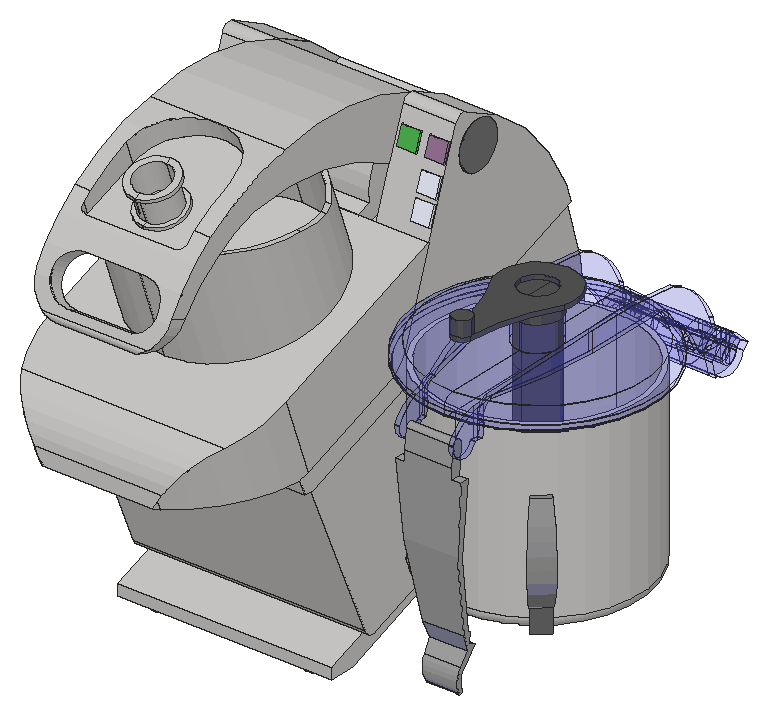
Revit family "QF_ELECTROLUXPROFESSIONAL_600485_TRK55Y", category Specialty Equipment, Revit 2018
Family settings
  Round Connector Dimension = Use Diameter
  Part Type = Normal
  Work Plane-Based = No
  Always vertical = Yes
  Cut with Voids When Loaded = No
  Shared = No
  Room Calculation Point = No
Parameters (values of type "QF_ELECTROLUX_600485_TRK55Y")
  Weight = 27.40 kg
  Watts = 0 W
  Volts = 200 V
  URL Manufacturer = "http://professional.electrolux.com"
  URL = "http://professional.electrolux.com"
  Steam Supply Size = 0 mm
  Steam Supply Minimum Pressure = 0.0 Pa
  Steam Supply Maximum Pressure = 0.0 Pa
  Steam Pounds per Hour = 0
  Refrigeration Suction Line Size = 0 mm
  Refrigeration Liquid Line Size = 0 mm
  Refrigerant Compressor Remote = yes
  Manufacturer = "Electrolux"
  Phase = 1
  Model = "TRK55Y"
  Length Actual = 252 mm  # constant formula
  Item Number = "600485"
  Hot Water Size = 0 mm
  Height Actual = 505 mm  # constant formula
  HP = "1.7 HP"
  Gas Size = 0 mm
  Gas KW = 0
  Gas Input Pressure = 0 W
  Direct Waste Size = 0 mm
  Description = "CUTTER/SLICER 5.5L VARIAB.SPEED-1300W-200-240/1/50-60"
  Depth Actual = 485 mm  # constant formula
  Cycle = 60 Hz
  Condensate Return Size = 0 mm
  Compressed Air Volume = 0.0 L/s
  Compressed Air Size = 0 mm
  Compressed Air Pressure = 0.0 Pa
  Cold Water Size = 0 mm
  Accessory = yes
Reference planes
  plane 1 "Center (Front/Back)": y = 0
  plane 2: z = 0
  plane 3 "Center (Left/Right)": x = 0
  plane 4 "BASE": through (-1506.947, -1354.442, -482.669) normal (0, -0.342, 0.9397)
  plane 5 "TOP": z = 725
  plane 6 "FRONT": y = -250
  plane 7 "BACK": y = 250
  plane 8 "LEFT": x = -126
  plane 9 "RIGHT": x = 126
  plane 10 "BaseSup": through (4267.2, -355.454, 143.983) normal (0, -0.342, 0.9397)
  plane 11 "TopCylinder": z = 505
  plane 12 "panel": through (4267.2, 37.396, 376.789) normal (0, -0.9397, 0.342)
  plane 13 "TAN1": through (4267.2, -242.8, 386.84) normal (0, -0.868, 0.4965)
  plane 14 "cx": x = -4.392
  plane 15: z = 490
  plane 16: z = 685
  plane 17 "EI_1": z = 320
  plane 18: z = 224
  plane 19 "SupportOblique": through (4267.2, 163.975, 96.815) normal (0, 0.809, 0.5878)
  plane 20 "CX2": x = 350
Forms (mm)
  Extrusion 1, solid, material "QF_Finishes_Stainless Steel"
    sketch origin (0, 71.755, 29.173) x (0, 0.939693, 0.34202) y (0, -0.34202, 0.939693)
      loop
        line (196.964, 40) -> (-146.726, 40) -> (-150.519, 29.578) -> (-124.204, 20) -> (196.964, 20) -> (196.964, 40)
    from -114.1 to 114.1
  Extrusion 2, solid, material "QF_Finishes_Stainless Steel"
    sketch origin (0, 71.755, 29.173) x (0, 0.939693, 0.34202) y (0, -0.34202, 0.939693)
      loop
        arc (-117.754, 231.836) -> (-115.679, 141.222) -> (-107.501, 50.953) r 1344.145
        arc (-107.501, 50.953) -> (-103.371, 43.13) -> (-95.098, 40) r 12.5
        line (-95.098, 40) -> (191.415, 40)
        arc (191.415, 40) -> (200.799, 44.052) -> (207.001, 52.177) r 20.212
        arc (207.001, 52.177) -> (236.663, 139.796) -> (245.906, 231.836) r 409.593
        line (245.906, 231.836) -> (-117.754, 231.836)
    from -123.6 to 123.2
  Extrusion 3, solid, material "QF_Finishes_Stainless Steel"
    sketch origin (0, 71.755, 29.173) x (0, 0.939693, 0.34202) y (0, -0.34202, 0.939693)
      loop
        line (-117.754, 231.836) -> (250, 231.836) -> (250, 254)
        arc (250, 254) -> (225.127, 344.7) -> (167.861, 419.303) r 244.524
        arc (167.861, 419.303) -> (160.498, 421.774) -> (153.587, 418.23) r 10
        line (153.587, 418.23) -> (25.432, 265.5)
        arc (25.432, 265.5) -> (14.376, 257.016) -> (0.77, 254) r 32.194
        line (0.77, 254) -> (-128.224, 254) -> (-128.224, 236.946) -> (-117.754, 231.836)
    from -125 to 125
  Extrusion 4, void
    sketch origin (0, 71.755, 29.173) x (0, 0.939693, 0.34202) y (0, -0.34202, 0.939693)
      loop
        line (146.605, 338.403) -> (228.145, 338.403)
        arc (228.145, 338.403) -> (202.221, 381.996) -> (167.861, 419.303) r 244.524
        arc (167.861, 419.303) -> (160.498, 421.774) -> (153.587, 418.23) r 10
        line (153.587, 418.23) -> (72.34, 321.403) -> (146.605, 321.403) -> (146.605, 338.403)
    from -76.755 to 68.071
  Extrusion 5, solid, material "QF_Finishes_Stainless Steel"
    sketch origin (0, 71.755, 29.173) x (0, 0.939693, 0.34202) y (0, -0.34202, 0.939693)
      loop
        line (86.605, 338.403) -> (69.605, 321.403) -> (146.605, 321.403) -> (146.605, 338.403) -> (138.179, 338.403) -> (138.179, 369.367)
        arc (138.179, 369.367) -> (147.784, 373.474) -> (158.149, 372.174) r 19.987
        arc (158.149, 372.174) -> (156.791, 382.001) -> (162.888, 389.826) r 12.748
        arc (162.888, 389.826) -> (123.302, 374.774) -> (101.605, 338.403) r 64.447
        line (101.605, 338.403) -> (86.605, 338.403)
    from -65 to 50
  Extrusion 6, solid, material "QF_Finishes_Stainless Steel"
    sketch origin (539, 71.755, 29.173) x (0, -0.939693, -0.34202) y (0, -0.34202, 0.939693)
      loop
        circle (-169.102, 378.696) r 12.748
    from 489 to 604
  Extrusion 7, solid, material "QF_Finishes_Rubber Black"
    sketch origin (0, 71.755, 29.173) x (0, 0.939693, 0.34202) y (0, -0.34202, 0.939693)
      loop
        circle (169.102, 378.696) r 25
    from 125 to 126.6
  Extrusion 8, solid, material "QF_Finishes_Green"
    sketch origin (-10, -113.728, -38.42) x (0, -0.34202, -0.939693) y (1, 0, 0)
      loop
        line (-529.862, 82.865) -> (-509.862, 82.865) -> (-509.862, 102.865) -> (-529.862, 102.865) -> (-529.862, 82.865)
    from 0 to 1.6
  Extrusion 9, solid, material "QF_Finishes_Red"
    sketch origin (20, -113.728, -38.42) x (0, -0.34202, -0.939693) y (1, 0, 0)
      loop
        line (-529.862, 82.865) -> (-509.862, 82.865) -> (-509.862, 102.865) -> (-529.862, 102.865) -> (-529.862, 82.865)
    from 0 to 1.6
  Extrusion 10, solid, material "QF_Finishes_White"
    sketch origin (19.976, -149.421, -75.636) x (0, -0.34202, -0.939693) y (1, 0, 0)
      loop
        line (-521.192, 82.865) -> (-501.192, 82.865) -> (-501.192, 102.865) -> (-521.192, 102.865) -> (-521.192, 82.865)
    from 0 to 1.6
  Extrusion 11, solid, material "QF_Finishes_Rubber Black"
    sketch origin (-20, -293.925, 99.376) x (0, -1, 0) y (1, 0, 0)
      loop
        circle (-230.144, 103.748) r 10
      loop
        circle (-230.144, -61.252) r 10
    from 9.274 to 3.787
  Extrusion 12, void
    sketch origin (-20.94, 306.731, 139.428) x (-1, 0, 0) y (0, -0.34202, 0.939693)
      loop
        circle (-20.94, 196.093) r 10
    from -1.916 to -26.433
  Extrusion 13, solid, material "QF_Finishes_Stainless Steel"
    sketch origin (-20.94, 306.678, 139.573) x (-1, 0, 0) y (0, -0.34202, 0.939693)
      loop
        circle (-20.94, 195.939) r 9.999
    from -8.514 to -26.433
  Extrusion 14, solid, material "QF_Finishes_Stainless Steel"
    sketch origin (0, -15.119, 267.855) x (0, -0.939693, -0.34202) y (1, 0, 0)
      loop
        line (-86.605, -125) -> (117.754, -125)
        arc (117.754, -125) -> (182.577, -108.838) -> (232.224, -64.135) r 138.076
        arc (232.224, -64.135) -> (246.337, -33.516) -> (250, 0) r 104.824
        arc (250, 0) -> (246.337, 33.516) -> (232.224, 64.135) r 104.824
        arc (232.224, 64.135) -> (182.577, 108.838) -> (117.754, 125) r 138.076
        line (117.754, 125) -> (-86.605, 125) -> (-86.605, -125)
    from 0 to 84.403
  Extrusion 15, void
    sketch origin (0, 71.755, 29.173) x (0, 0.939693, 0.34202) y (0, -0.34202, 0.939693)
      loop
        line (-183.149, 338.403) -> (-263.395, 338.403) -> (-263.395, 254) -> (-128.224, 254) -> (-235.716, 293.124) -> (-229.509, 307.133)
        arc (-229.509, 307.133) -> (-211.109, 329.855) -> (-183.149, 338.403) r 50
      loop
        line (86.605, 338.403) -> (25.432, 265.5)
        arc (25.432, 265.5) -> (14.376, 257.016) -> (0.77, 254) r 32.194
        line (0.77, 254) -> (86.605, 254) -> (86.605, 338.403)
    from -156.555 to 144.79
  Extrusion 16, solid, material "QF_Finishes_Rubber Black"
    sketch origin (-20, -255.757, 37.007) x (0, -0.939693, -0.34202) y (1, 0, 0)
      loop
        circle (-230.144, 103.748) r 10
      loop
        circle (-230.144, -61.252) r 10
    from -1.968 to 3.787
  Extrusion 17, solid, material "QF_Finishes_Stainless Steel"
    sketch origin (0, 0, 0) x (0, 1, 0) y (0, 0, 1)
      loop
        arc (-237.987, 360.286) -> (-193.334, 422.101) -> (-125.907, 457.716) r 167.502
        arc (-125.907, 457.716) -> (-32.614, 457.202) -> (54.785, 424.565) r 266.494
        line (54.785, 424.565) -> (73.036, 474.711)
        arc (73.036, 474.711) -> (77.269, 479.853) -> (83.792, 481.198) r 10
        arc (83.792, 481.198) -> (1.801, 503.572) -> (-83.051, 498.734) r 263.981
        arc (-83.051, 498.734) -> (-135.605, 484.534) -> (-183.511, 458.675) r 236.13
        arc (-183.511, 458.675) -> (-222.818, 420.732) -> (-248.457, 372.49) r 174.407
        arc (-248.457, 372.49) -> (-249.83, 368.135) -> (-247.05, 364.513) r 4.945
        line (-247.05, 364.513) -> (-237.987, 360.286)
    from -76.755 to 68.071
  Extrusion 18, void
    sketch origin (0, -252.846, 369.279) x (0, -0.496521, -0.868025) y (1, 0, 0)
      loop
        line (-13.723, -36.755) -> (-13.723, 28.071)
        arc (-13.723, 28.071) -> (-38.723, 53.071) -> (-63.723, 28.071) r 25
        line (-63.723, 28.071) -> (-63.723, -36.755)
        arc (-63.723, -36.755) -> (-38.723, -61.755) -> (-13.723, -36.755) r 25
    from -148.493 to 7.125
  Extrusion 19, void
    sketch origin (0, -88.076, 32.057) x (0, -0.34202, -0.939693) y (1, 0, 0)
      loop
        line (-257.162, 68.071) -> (-297.162, 68.071)
        arc (-297.162, 68.071) -> (-268.878, 56.356) -> (-257.162, 28.071) r 40
        line (-257.162, 28.071) -> (-257.162, 68.071)
      loop
        line (-257.162, -76.755) -> (-257.162, -36.755)
        arc (-257.162, -36.755) -> (-268.878, -65.039) -> (-297.162, -76.755) r 40
        line (-297.162, -76.755) -> (-257.162, -76.755)
    from 233.374 to 280.473
  Extrusion 20, void
    sketch origin (0, -73.76, 246.511) x (0, -0.939693, -0.34202) y (1, 0, 0)
      loop
        spline (50.415, 43.499) -> (50.302, 44.538) -> (50.07, 45.551) -> (49.722, 46.523) -> (49.265, 47.436) -> (48.705, 48.278) -> (48.053, 49.034) -> (47.317, 49.692) -> (46.511, 50.241) -> (45.647, 50.674) -> (44.738, 50.981) -> (43.801, 51.16) -> (42.848, 51.221)
        line (42.848, 51.221) -> (-21.826, 51.221)
        arc (-21.826, 51.221) -> (-77.476, -4.429) -> (-21.826, -60.078) r 55.65
        line (-21.826, -60.078) -> (42.849, -60.064)
        spline (42.849, -60.064) -> (43.796, -60.017) -> (44.73, -59.836) -> (45.637, -59.525) -> (46.5, -59.088) -> (47.306, -58.532) -> (48.042, -57.867) -> (48.695, -57.103) -> (49.256, -56.253) -> (49.715, -55.331) -> (50.065, -54.351) -> (50.3, -53.329) -> (50.415, -52.283)
        line (50.415, -52.283) -> (50.415, 43.499)
    from 219.928 to 259.975
  Extrusion 21, void
    sketch origin (0, -87.856, 241.381) x (0, -0.939693, -0.34202) y (1, 0, 0)
      loop
        circle (-4.976, -4.429) r 22.5
    from 184.171 to 259.975
  Extrusion 22, solid, material "QF_Finishes_Stainless Steel"
    sketch origin (0, -57.13, 252.564) x (0, -0.939693, -0.34202) y (1, 0, 0)
      loop
        circle (-27.476, -4.429) r 100
      loop
        circle (-27.476, -4.429) r 95
    from 84.403 to 219.928
  Extrusion 23, void
    sketch origin (539, 0, 0) x (0, -1, 0) y (0, 0, 1)
      loop
        line (-7.229, 448.453) -> (38.883, 431.669) -> (53.883, 431.669) -> (97.232, 435.738) -> (172.232, 435.738) -> (200.5, 434.424) -> (12.562, 502.828) -> (-7.229, 448.453)
    from 424.9 to 664
  Revolve 24, solid, material "QF_Finishes_Stainless Steel"
    sketch origin (-4.392, 0, 0) x (0, 1, 0) y (0, 0, 1)
      loop
        line (-159.523, 452.833) -> (-177.266, 446.376) -> (-188.766, 477.973) -> (-195.199, 475.631) -> (-193.959, 472.225) -> (-189.261, 473.935) -> (-179, 445.744) -> (-183.698, 444.034) -> (-182.575, 440.948) -> (-179.543, 442.052) -> (-133.191, 314.7) -> (-112.048, 322.396) -> (-159.523, 452.833)
      axis (-112.048, 322.396) -> (-171.023, 484.431)
    angle from 0 to 360
  Extrusion 25, solid, material "QF_Door-Drawer Clearances", detail levels coarse
    sketch origin (0, -262.072, 735.095) x (0, -0.581279, -0.813704) y (0, 0.813704, -0.581279)
      loop
        arc (-237.987, 360.286) -> (-193.334, 422.101) -> (-125.907, 457.716) r 167.502
        arc (-125.907, 457.716) -> (-61.925, 460.915) -> (0.971, 448.753) r 266.494
        arc (0.971, 448.753) -> (-2.208, 475.472) -> (-2.432, 502.379) r 244.524
        arc (-2.432, 502.379) -> (-31.549, 503.211) -> (-60.594, 500.999) r 278.64
        arc (-60.594, 500.999) -> (-125.023, 488.463) -> (-183.511, 458.675) r 236.13
        arc (-183.511, 458.675) -> (-222.818, 420.732) -> (-248.457, 372.49) r 174.407
        arc (-248.457, 372.49) -> (-249.83, 368.135) -> (-247.05, 364.513) r 4.945
        line (-247.05, 364.513) -> (-237.987, 360.286)
    from -76.755 to 68.071
  Extrusion 26, solid, material "QF_Door-Drawer Clearances", detail levels coarse
    sketch origin (-4.392, 0, -55) x (0, 1, 0) y (0, 0, 1)
      loop
        arc (180.062, 780.324) -> (-149.234, 694.151) -> (-249.905, 368.994) r 350.321
        line (-249.905, 368.994) -> (-246.546, 377.767)
        arc (-246.546, 377.767) -> (-144.345, 691.9) -> (174.993, 776.44) r 345.321
        line (174.993, 776.44) -> (180.062, 780.324)
    from -60 to 60
  Extrusion 27, solid, material "QF_Finishes_Rubber Black"
    sketch origin (-20, -20.834, 122.512) x (0, -0.939693, -0.34202) y (1, 0, 0)
      loop
        circle (-230.144, 103.748) r 10
      loop
        circle (-230.144, -61.252) r 10
    from -1.968 to 3.787
  Extrusion 28, void
    sketch origin (-4.392, 0, 0) x (0, 1, 0) y (0, 0, 1)
      loop
        circle (163.975, 96.815) r 5.399
    from -121.608 to 130.392
  Sweep 29, solid, material "QF_Finishes_Stainless Steel"
    path origin (0, 153.361, 111.423) x (0, -0.587785, 0.809017) y (1, 0, 0)
      loop
        line (-133.401, 56) -> (-133.401, 112.5)
        arc (-133.401, 112.5) -> (-130.472, 119.571) -> (-123.401, 122.5) r 10
        line (-123.401, 122.5) -> (-28.058, 122.5)
        arc (-28.058, 122.5) -> (-20.987, 119.571) -> (-18.058, 112.5) r 10
        line (-18.058, 112.5) -> (-18.058, -112.5)
        arc (-18.058, -112.5) -> (-20.987, -119.571) -> (-28.058, -122.5) r 10
        line (-28.058, -122.5) -> (-123.401, -122.5)
        arc (-123.401, -122.5) -> (-130.472, -119.571) -> (-133.401, -112.5) r 10
        line (-133.401, -112.5) -> (-133.401, -56)
    profile origin (84.25, 231.772, 3.5) x (0, 0.587785, -0.809017) y (0, 0.809017, 0.587785)
      loop
        circle (0, 0) r 3.5
  Extrusion 30, void
    sketch origin (-4.392, 0, 0) x (0, 1, 0) y (0, 0, 1)
      loop
        line (50.281, 42.641) -> (71.708, 50.44) -> (64.376, 57.771) -> (50.281, 52.641) -> (50.281, 42.641)
    from -119.208 to -51.608
  Extrusion 31, void
    sketch origin (4.392, 0, 0) x (0, 1, 0) y (0, 0, -1)
      loop
        line (50.281, -42.641) -> (50.281, -52.641) -> (64.376, -57.771) -> (71.708, -50.44) -> (50.281, -42.641)
    from -119.208 to -51.608
  Extrusion 32, solid, material "QF_Door-Drawer Clearances", detail levels coarse
    sketch origin (350, -160.4, -17.118) x (0, -0.34202, -0.939693) y (0, -0.939693, 0.34202)
      loop
        line (-206.754, 118.191) -> (-331.133, -223.538)
        arc (-331.133, -223.538) -> (-241.482, -246.331) -> (-149.003, -248.426) r 409.593
        arc (-149.003, -248.426) -> (-139.246, -245.378) -> (-132.229, -237.945) r 20.212
        line (-132.229, -237.945) -> (-34.236, 31.289)
        arc (-34.236, 31.289) -> (-34.347, 40.134) -> (-40.286, 46.691) r 12.5
        arc (-40.286, 46.691) -> (-122.314, 85.249) -> (-206.754, 118.191) r 1344.145
    from -123.6 to 123.2
  Extrusion 33, solid, material "QF_Door-Drawer Clearances", detail levels coarse
    sketch origin (350, -160.4, -17.118) x (0, -0.34202, -0.939693) y (0, -0.939693, 0.34202)
      loop
        line (-134.127, -243.16) -> (-115.333, -250) -> (-5.487, 51.799) -> (-5.487, 79.803) -> (-16.578, 79.803) -> (-134.127, -243.16)
    from -114.1 to 114.1
  Extrusion 34, solid, material "QF_Door-Drawer Clearances", detail levels coarse
    sketch origin (330, -388.076, 105.131) x (0, -1, 0) y (1, 0, 0)
      loop
        circle (-230.144, 103.748) r 10
      loop
        circle (-230.144, -61.252) r 10
    from -1.968 to 3.787
  Extrusion 35, solid, material "QF_Door-Drawer Clearances", detail levels coarse
    sketch origin (330, -138.076, 105.131) x (0, -1, 0) y (1, 0, 0)
      loop
        circle (-230.144, 103.748) r 10
      loop
        circle (-230.144, -61.252) r 10
    from -1.968 to 3.787
  Extrusion 36, solid, material "QF_Door-Drawer Clearances", detail levels coarse
    sketch origin (0, 250, 0) x (-1, 0, 0) y (0, 0, 1)
      loop
        circle (-350, 200) r 10
    from -89.12 to -78.665
  Extrusion 37, solid, material "QF_Finishes_White"
    sketch origin (19.976, -140.87, -52.143) x (0, -0.34202, -0.939693) y (1, 0, 0)
      loop
        line (-521.192, 82.865) -> (-501.192, 82.865) -> (-501.192, 102.865) -> (-521.192, 102.865) -> (-521.192, 82.865)
    from 0 to 1.6
Cuts and joins
  Extrusion 4, Extrusion 19, Extrusion 20, Extrusion 21 cuts Extrusion 3
  Extrusion 15, Extrusion 19, Extrusion 20, Extrusion 21 cuts Extrusion 14
  Extrusion 18, Extrusion 19, Extrusion 20, Extrusion 21 cuts Extrusion 17
  Extrusion 12, Extrusion 20, Extrusion 21 cuts Extrusion 2
  Extrusion 23 cuts Extrusion 22
  Extrusion 28, Extrusion 30, Extrusion 31 cuts Extrusion 1
Lines and regions (mm)
  symbolic lines
    curve 1: line (-76.755, 170.4, 0) -> (-76.755, -235.217, 0)
    curve 2: line (68.071, -235.135, 0) -> (68.071, 170.4, 0)
    curve 3: line (-76.755, 83.792, 0) -> (68.071, 83.792, 0)
    curve 4: line (-76.755, 170.4, 0) -> (68.071, 170.4, 0)
    curve 5: line (68.071, -83.051, 0) -> (-76.755, -83.051, 0)
    curve 6: line (-60.078, -136.967, 0) -> (51.221, -136.967, 0)
    curve 7: line (-60.078, -128.47, 0) -> (-60.078, -194.06, 0)
    curve 8: line (51.221, -193.76, 0) -> (51.221, -128.47, 0)
    curve 9: spline (-52.282, -199.891, 0) -> (-53.276, -199.815, 0) -> (-54.25, -199.647, 0) -> (-55.19, -199.39, 0) -> (-56.081, -199.046, 0) -> (-56.909, -198.622, 0) -> (-57.663, -198.124, 0) -> (-58.331, -197.559, 0) -> (-58.902, -196.936, 0) -> (-59.369, -196.264, 0) -> (-59.724, -195.553, 0) -> (-59.961, -194.815, 0) -> (-60.078, -194.06, 0)
    curve 10: line (43.499, -199.901, 0) -> (-52.283, -199.901, 0)
    curve 11: spline (51.218, -193.76, 0) -> (51.156, -194.554, 0) -> (50.964, -195.333, 0) -> (50.645, -196.085, 0) -> (50.204, -196.798, 0) -> (49.648, -197.459, 0) -> (48.986, -198.058, 0) -> (48.229, -198.586, 0) -> (47.39, -199.033, 0) -> (46.483, -199.392, 0) -> (45.521, -199.658, 0) -> (44.521, -199.826, 0) -> (43.499, -199.893, 0)
    curve 12: spline (-4.392, -146.848, 0) -> (-11.05, -147.672, 0) -> (-17.255, -150.087, 0) -> (-22.583, -153.929, 0) -> (-26.672, -158.936, 0) -> (-29.242, -164.766, 0) -> (-30.119, -171.023, 0) -> (-29.242, -177.28, 0) -> (-26.672, -183.111, 0) -> (-22.583, -188.118, 0) -> (-17.255, -191.96, 0) -> (-11.05, -194.375, 0) -> (-4.392, -195.199, 0)
    curve 13: spline (-4.392, -195.199, 0) -> (2.267, -194.375, 0) -> (8.472, -191.96, 0) -> (13.8, -188.118, 0) -> (17.888, -183.111, 0) -> (20.459, -177.28, 0) -> (21.335, -171.023, 0) -> (20.459, -164.766, 0) -> (17.888, -158.936, 0) -> (13.8, -153.929, 0) -> (8.472, -150.087, 0) -> (2.267, -147.672, 0) -> (-4.392, -146.848, 0)
    curve 14: spline (-4.392, -188.766, 0) -> (-9.279, -188.162, 0) -> (-13.832, -186.389, 0) -> (-17.743, -183.569, 0) -> (-20.744, -179.895, 0) -> (-22.63, -175.616, 0) -> (-23.273, -171.023, 0) -> (-22.63, -166.431, 0) -> (-20.744, -162.152, 0) -> (-17.743, -158.477, 0) -> (-13.832, -155.658, 0) -> (-9.279, -153.885, 0) -> (-4.392, -153.281, 0)
    curve 15: spline (-4.392, -153.281, 0) -> (0.495, -153.885, 0) -> (5.049, -155.658, 0) -> (8.96, -158.477, 0) -> (11.96, -162.152, 0) -> (13.846, -166.431, 0) -> (14.49, -171.023, 0) -> (13.846, -175.616, 0) -> (11.96, -179.895, 0) -> (8.96, -183.569, 0) -> (5.049, -186.389, 0) -> (0.495, -188.162, 0) -> (-4.392, -188.766, 0)
    curve 16: spline (-22.254, -165.273, 0) -> (-20.617, -168.597, 0) -> (-18.289, -171.534, 0) -> (-15.368, -173.96, 0) -> (-11.98, -175.77, 0) -> (-8.268, -176.888, 0) -> (-4.392, -177.266, 0) -> (-0.515, -176.888, 0) -> (3.197, -175.77, 0) -> (6.585, -173.96, 0) -> (9.505, -171.534, 0) -> (11.834, -168.597, 0) -> (13.471, -165.273, 0)
    curve 17: spline (21.106, -162.743, 0) -> (21.02, -155.749, 0) -> (18.807, -149.071, 0) -> (14.651, -143.268, 0) -> (8.902, -138.825, 0) -> (2.04, -136.115, 0) -> (-5.361, -135.365, 0) -> (-12.68, -136.637, 0) -> (-19.306, -139.824, 0) -> (-24.683, -144.661, 0) -> (-28.361, -150.742, 0) -> (-30.034, -157.558, 0) -> (-29.559, -164.538, 0)
    curve 18: spline (15.591, -154.349, 0) -> (13.851, -150.277, 0) -> (11.185, -146.674, 0) -> (7.729, -143.723, 0) -> (3.657, -141.574, 0) -> (-0.824, -140.337, 0) -> (-5.485, -140.073, 0) -> (-10.091, -140.797, 0) -> (-14.408, -142.471, 0) -> (-18.216, -145.011, 0) -> (-21.322, -148.287, 0) -> (-23.569, -152.134, 0) -> (-24.843, -156.356, 0)
    curve 19: line (-36.755, -245.358, 0) -> (-36.755, -220.255, 0)
    curve 20: line (28.071, -220.255, 0) -> (28.071, -245.358, 0)
    curve 21: line (-36.755, -220.255, 0) -> (28.071, -220.255, 0)
    curve 22: line (-36.755, -231.961, 0) -> (28.071, -231.961, 0)
    curve 23: line (28.071, -245.358, 0) -> (-36.755, -245.358, 0)
    curve 24: arc (-36.755, -231.961, 0) -> (-47.346, -230.66, 0) -> (-57.309, -226.836, 0) r 43.78
    curve 25: arc (28.071, -231.961, 0) -> (38.611, -230.648, 0) -> (48.525, -226.836, 0) r 43.78
    curve 26: line (108.532, -216.09, 0) -> (68.016, -248.959, 0)
    curve 27: spline (108.532, -216.09, 0) -> (111.117, -211.341, 0) -> (113.492, -206.496, 0) -> (115.654, -201.564, 0) -> (117.598, -196.552, 0) -> (119.32, -191.469, 0) -> (120.82, -186.324, 0) -> (122.092, -181.125, 0) -> (123.137, -175.882, 0) -> (123.951, -170.603, 0) -> (124.533, -165.296, 0) -> (124.883, -159.972, 0) -> (125, -154.639, 0)
    curve 28: line (125, -154.639, 0) -> (125, 227.385, 0)
    curve 29: spline (63.971, -249.433, 0) -> (63.542, -249.481, 0) -> (63.11, -249.529, 0) -> (62.674, -249.577, 0) -> (62.235, -249.624, 0) -> (61.792, -249.672, 0) -> (61.346, -249.719, 0) -> (60.896, -249.766, 0) -> (60.442, -249.813, 0) -> (59.985, -249.86, 0) -> (59.525, -249.907, 0) -> (59.06, -249.954, 0) -> (58.593, -250, 0)
    curve 30: spline (68.016, -248.959, 0) -> (67.688, -248.999, 0) -> (67.358, -249.038, 0) -> (67.026, -249.078, 0) -> (66.693, -249.118, 0) -> (66.359, -249.157, 0) -> (66.022, -249.197, 0) -> (65.684, -249.236, 0) -> (65.345, -249.276, 0) -> (65.004, -249.315, 0) -> (64.661, -249.354, 0) -> (64.317, -249.394, 0) -> (63.971, -249.433, 0)
    curve 31: line (-68.016, -248.959, 0) -> (68.016, -248.959, 0)
    curve 32: line (-68.016, -248.959, 0) -> (-108.532, -216.09, 0)
    curve 33: spline (-63.971, -249.433, 0) -> (-64.317, -249.394, 0) -> (-64.661, -249.354, 0) -> (-65.004, -249.315, 0) -> (-65.345, -249.276, 0) -> (-65.684, -249.236, 0) -> (-66.022, -249.197, 0) -> (-66.359, -249.157, 0) -> (-66.693, -249.118, 0) -> (-67.026, -249.078, 0) -> (-67.358, -249.038, 0) -> (-67.688, -248.999, 0) -> (-68.016, -248.959, 0)
    curve 34: spline (-58.593, -250, 0) -> (-59.06, -249.954, 0) -> (-59.525, -249.907, 0) -> (-59.985, -249.86, 0) -> (-60.442, -249.813, 0) -> (-60.896, -249.766, 0) -> (-61.346, -249.719, 0) -> (-61.792, -249.672, 0) -> (-62.235, -249.624, 0) -> (-62.674, -249.577, 0) -> (-63.11, -249.529, 0) -> (-63.542, -249.481, 0) -> (-63.971, -249.433, 0)
    curve 35: line (-76.755, -235.217, 0) -> (-60.604, -248.457, 0)
    curve 36: spline (-125, -154.639, 0) -> (-124.883, -159.972, 0) -> (-124.533, -165.296, 0) -> (-123.951, -170.603, 0) -> (-123.137, -175.882, 0) -> (-122.092, -181.125, 0) -> (-120.82, -186.324, 0) -> (-119.32, -191.469, 0) -> (-117.598, -196.552, 0) -> (-115.654, -201.564, 0) -> (-113.492, -206.496, 0) -> (-111.117, -211.341, 0) -> (-108.532, -216.09, 0)
    curve 37: line (-125, 227.385, 0) -> (-125, -154.639, 0)
    curve 38: arc (-76.755, -160.023, 0) -> (-93.256, -130.498, 0) -> (-99.37, -97.232, 0) r 103.622
    curve 39: arc (-76.755, -168.026, 0) -> (-96.901, -135.101, 0) -> (-104.377, -97.232, 0) r 109.55
    curve 40: spline (-99.395, -97.232, 0) -> (-99.428, -93.546, 0) -> (-99.341, -89.86, 0) -> (-99.135, -86.178, 0) -> (-98.81, -82.506, 0) -> (-98.367, -78.845, 0) -> (-97.806, -75.201, 0) -> (-97.127, -71.576, 0) -> (-96.331, -67.976, 0) -> (-95.419, -64.402, 0) -> (-94.392, -60.86, 0) -> (-93.251, -57.352, 0) -> (-91.998, -53.883, 0)
    curve 41: arc (-91.998, -53.883, 0) -> (-88.614, -46.234, 0) -> (-84.624, -38.883, 0) r 103.541
    curve 42: spline (-84.624, -38.883, 0) -> (-84.026, -38.009, 0) -> (-83.417, -37.142, 0) -> (-82.798, -36.282, 0) -> (-82.167, -35.428, 0) -> (-81.527, -34.582, 0) -> (-80.876, -33.742, 0) -> (-80.214, -32.91, 0) -> (-79.543, -32.085, 0) -> (-78.861, -31.267, 0) -> (-78.169, -30.457, 0) -> (-77.467, -29.655, 0) -> (-76.755, -28.86, 0)
    curve 43: spline (-90.488, -38.883, 0) -> (-89.506, -37.356, 0) -> (-88.492, -35.846, 0) -> (-87.448, -34.355, 0) -> (-86.375, -32.883, 0) -> (-85.271, -31.43, 0) -> (-84.139, -29.997, 0) -> (-82.978, -28.585, 0) -> (-81.788, -27.193, 0) -> (-80.571, -25.823, 0) -> (-79.326, -24.476, 0) -> (-78.054, -23.15, 0) -> (-76.755, -21.847, 0)
    curve 44: arc (-97.398, -53.883, 0) -> (-94.227, -46.252, 0) -> (-90.488, -38.883, 0) r 109.406
    curve 45: spline (-104.397, -97.232, 0) -> (-104.428, -93.553, 0) -> (-104.346, -89.875, 0) -> (-104.151, -86.201, 0) -> (-103.844, -82.535, 0) -> (-103.425, -78.879, 0) -> (-102.894, -75.238, 0) -> (-102.252, -71.615, 0) -> (-101.499, -68.013, 0) -> (-100.637, -64.435, 0) -> (-99.665, -60.886, 0) -> (-98.585, -57.367, 0) -> (-97.398, -53.883, 0)
    curve 46: spline (-104.429, -60.179, 0) -> (-104.227, -54.213, 0) -> (-103.623, -48.272, 0) -> (-102.618, -42.379, 0) -> (-101.218, -36.558, 0) -> (-99.427, -30.832, 0) -> (-97.253, -25.224, 0) -> (-94.704, -19.758, 0) -> (-91.791, -14.454, 0) -> (-88.526, -9.335, 0) -> (-84.922, -4.421, 0) -> (-80.993, 0.268, 0) -> (-76.755, 4.714, 0)
    curve 47: line (-104.429, -60.179, 0) -> (-104.429, -91.125, 0)
    curve 48: line (-125, 37.396, 0) -> (-76.755, 37.396, 0)
    curve 49: line (-125, 227.385, 0) -> (125, 227.385, 0)
    curve 50: line (-125, 219.805, 0) -> (125, 219.805, 0)
    curve 51: line (-65, 113.885, 0) -> (50, 113.885, 0)
    curve 52: line (50, 113.885, 0) -> (50, 83.792, 0)
    curve 53: line (-65, 113.885, 0) -> (-65, 83.792, 0)
    curve 54: line (-65, 91.491, 0) -> (50, 91.491, 0)
    curve 55: line (50, 93.777, 0) -> (68.071, 93.777, 0)
    curve 56: line (-65, 93.777, 0) -> (-76.755, 93.777, 0)
    curve 57: line (72.865, 67.495, 0) -> (92.865, 67.495, 0)
    curve 58: line (72.865, 59.152, 0) -> (72.865, 67.495, 0)
    curve 59: line (92.865, 59.152, 0) -> (72.865, 59.152, 0)
    curve 60: line (92.865, 67.495, 0) -> (92.865, 59.152, 0)
    curve 61: line (102.865, 67.495, 0) -> (122.865, 67.495, 0)
    curve 62: line (102.865, 59.152, 0) -> (102.865, 67.495, 0)
    curve 63: line (122.865, 59.152, 0) -> (102.865, 59.152, 0)
    curve 64: line (122.865, 67.495, 0) -> (122.865, 59.152, 0)
    curve 65: line (102.841, 48.394, 0) -> (122.841, 48.394, 0)
    curve 66: line (102.841, 40.05, 0) -> (102.841, 48.394, 0)
    curve 67: line (122.841, 40.05, 0) -> (102.841, 40.05, 0)
    curve 68: line (122.841, 48.394, 0) -> (122.841, 40.05, 0)
    curve 69: line (92.865, 65.992, 0) -> (72.865, 65.992, 0)
    curve 70: line (122.865, 65.992, 0) -> (102.865, 65.992, 0)
    curve 71: line (122.841, 46.891, 0) -> (102.841, 46.891, 0)
    curve 72: line (-123.6, 250, 0) -> (123.2, 250, 0)
    curve 73: line (123.2, 227.385, 0) -> (123.2, 250, 0)
    curve 74: line (-123.6, 227.385, 0) -> (-123.6, 250, 0)
    curve 75: line (68.071, 37.396, 0) -> (125, 37.396, 0)
    curve 76: line (68.071, -235.135, 0) -> (51.82, -248.457, 0)
    curve 77: arc (68.071, -159.898, 0) -> (84.5, -130.423, 0) -> (90.587, -97.232, 0) r 103.622
    curve 78: arc (68.071, -167.913, 0) -> (88.145, -135.031, 0) -> (95.593, -97.232, 0) r 109.55
    curve 79: spline (90.612, -97.232, 0) -> (90.644, -93.546, 0) -> (90.558, -89.86, 0) -> (90.352, -86.178, 0) -> (90.027, -82.506, 0) -> (89.584, -78.845, 0) -> (89.022, -75.201, 0) -> (88.343, -71.576, 0) -> (87.547, -67.976, 0) -> (86.636, -64.402, 0) -> (85.609, -60.86, 0) -> (84.468, -57.352, 0) -> (83.214, -53.883, 0)
    curve 80: arc (83.214, -53.883, 0) -> (79.831, -46.234, 0) -> (75.841, -38.883, 0) r 103.541
    curve 81: spline (75.841, -38.883, 0) -> (75.25, -38.019, 0) -> (74.648, -37.162, 0) -> (74.036, -36.312, 0) -> (73.414, -35.468, 0) -> (72.781, -34.631, 0) -> (72.138, -33.801, 0) -> (71.485, -32.977, 0) -> (70.822, -32.161, 0) -> (70.149, -31.353, 0) -> (69.466, -30.551, 0) -> (68.774, -29.757, 0) -> (68.071, -28.97, 0)
    curve 82: spline (81.705, -38.883, 0) -> (80.729, -37.365, 0) -> (79.722, -35.865, 0) -> (78.685, -34.383, 0) -> (77.619, -32.92, 0) -> (76.523, -31.476, 0) -> (75.399, -30.051, 0) -> (74.246, -28.647, 0) -> (73.066, -27.263, 0) -> (71.857, -25.901, 0) -> (70.622, -24.56, 0) -> (69.36, -23.242, 0) -> (68.071, -21.946, 0)
    curve 83: arc (88.615, -53.883, 0) -> (85.443, -46.252, 0) -> (81.705, -38.883, 0) r 109.406
    curve 84: spline (95.614, -97.232, 0) -> (95.644, -93.553, 0) -> (95.562, -89.875, 0) -> (95.368, -86.201, 0) -> (95.061, -82.535, 0) -> (94.641, -78.879, 0) -> (94.111, -75.238, 0) -> (93.469, -71.615, 0) -> (92.716, -68.013, 0) -> (91.853, -64.435, 0) -> (90.882, -60.886, 0) -> (89.802, -57.367, 0) -> (88.615, -53.883, 0)
    curve 85: spline (95.645, -60.179, 0) -> (95.444, -54.225, 0) -> (94.842, -48.295, 0) -> (93.842, -42.413, 0) -> (92.446, -36.602, 0) -> (90.662, -30.886, 0) -> (88.496, -25.287, 0) -> (85.957, -19.829, 0) -> (83.055, -14.533, 0) -> (79.802, -9.421, 0) -> (76.21, -4.512, 0) -> (72.295, 0.173, 0) -> (68.071, 4.615, 0)
    curve 86: line (95.645, -60.179, 0) -> (95.645, -91.125, 0)
    curve 87: line (102.841, 56.945, 0) -> (122.841, 56.945, 0)
    curve 88: line (122.841, 55.441, 0) -> (102.841, 55.441, 0)
    curve 89: line (102.841, 56.945, 0) -> (102.841, 48.394, 0)
    curve 90: line (102.841, 48.601, 0) -> (122.841, 48.601, 0)
    curve 91: line (122.841, 48.601, 0) -> (122.841, 56.945, 0)
Dimensions and locks
  plane 5 "TOP" to level = 725 mm  (x2)
  plane 8 "LEFT" to plane 3 "Center (Left/Right)" to plane 9 "RIGHT" = 126 mm, 126 mm
  plane 7 "BACK" to plane 1 "Center (Front/Back)" to plane 6 "FRONT" = 250 mm, 250 mm
  plane 5 "TOP" to plane 2 = 725 mm
  plane 5 "TOP" to plane 11 "TopCylinder" = 220 mm
  plane 6 "FRONT" to plane 7 "BACK" = 500 mm
  plane 7 "BACK" to plane 6 "FRONT" = 500 mm
  plane 11 "TopCylinder" to level = 505 mm  (x2)
  plane 15 to level = 490 mm  (x2)
  plane 16 to level = 685 mm
  plane 17 "EI_1" to level = 320 mm
  plane 18 to level = 224 mm
  plane 16 to plane 2 = 685 mm
  plane 9 "RIGHT" to plane 8 "LEFT" = 252 mm
  aligned and locked: level to plane 2
Nested families
  nested 1: "QF_600434_BOWL" at (360, -39.665, -20.592), type "QF_600434_BOWL"
Connectors
  electrical at (0, 231.662, 320.783), driven by "Volts"
    settings: on Extrusion 13, index 1, voltage 200 V, apparent load 0 VA, apparent load phase1 0 VA, apparent load phase2 0 VA, apparent load phase3 0 VA, power factor 1, load classification "Other", number of poles 1, system type 30, power factor state 1, is connector primary yes, connector utility no, sub classification motor no, connector description "Electrical Connection"
Definition of nested family "QF_600434_BOWL"
  Reference planes
    plane 1 "Center (Front/Back)": y = 0
    plane 2: z = 0
    plane 3 "Center (Left/Right)": x = 0
    plane 4 "TOP": z = 705.4
    plane 5 "FRONT": y = -211
    plane 6 "BACK": y = 211
    plane 7 "LEFT": x = -128
    plane 8 "RIGHT": x = 128
    plane 9 "CenterX": x = -10
    plane 10 "Maniglia": through (-10, -59.177, 4000) normal (0.766, 0.6428, 0)
    plane 11 "Panel": through (4267.2, 107.252, 388.448) normal (0, 0.766, -0.6428)
    plane 12: z = 510
  Forms (mm)
    Revolve 1, solid
      sketch origin (-10, 0, 0) x (0, -1, 0) y (0, 0, 1)
        loop
          line (59.177, 490.527) -> (28.516, 490.527) -> (35.424, 483.619) -> (35.424, 470.527) -> (38.194, 470.527) -> (38.194, 356.104) -> (59.177, 356.104) -> (59.177, 490.527)
        axis (59.177, 356.104) -> (59.177, 490.527)
      angle from 0 to 360
    Extrusion 2, solid
      sketch origin (0, 0, 0) x (1, 0, 0) y (0, 1, 0)
        loop
          arc (-48.167, -71.147) -> (-28.951, -114.517) -> (-19.956, -161.093) r 210.055
          arc (-19.956, -161.093) -> (-10, -170.155) -> (-0.044, -161.093) r 10
          arc (-0.044, -161.093) -> (8.951, -114.517) -> (28.167, -71.147) r 210.055
          arc (28.167, -71.147) -> (-10, -19.177) -> (-48.167, -71.147) r 40
      from 490.527 to 495.013
    Extrusion 3, solid
      sketch origin (0, 0, 0) x (1, 0, 0) y (0, 1, 0)
        loop
          circle (-10, -160.155) r 10
      from 495.013 to 510.592
    Extrusion 4, void
      sketch origin (0, 0, 0) x (1, 0, 0) y (0, 1, 0)
        loop
          circle (-10, -59.177) r 19
      from 467.615 to 512.796
    Extrusion 5, void
      sketch origin (-20, 0, 0) x (-1, 0, 0) y (0, -1, 0)
        loop
          line (16.15, 177.864) -> (16.15, -123.86) -> (35.771, -123.86) -> (35.771, 48.192)
          arc (35.771, 48.192) -> (30.047, 105.502) -> (17.781, 161.776) r 500.876
          line (17.781, 161.776) -> (17.781, 171.776) -> (16.15, 177.864)
        loop
          line (40.771, -123.86) -> (45.852, -123.86) -> (45.852, 210.681) -> (21.15, 210.681) -> (21.15, 178.522) -> (22.781, 172.434) -> (22.781, 162.459)
          arc (22.781, 162.459) -> (35.047, 105.893) -> (40.771, 48.297) r 505.876
          line (40.771, 48.297) -> (40.771, -123.86)
      from 381.652 to 477.521
    Extrusion 6, solid
      sketch origin (-20, 0, 0) x (0, 1, 0) y (0, 0, -1)
        loop
          line (-173.064, -409.647) -> (-181.147, -409.647)
          arc (-181.147, -409.647) -> (-199.354, -399.982) -> (-210.844, -417.096) r 15.391
          arc (-210.844, -417.096) -> (-202.04, -429.372) -> (-189.058, -437.099) r 36.946
          arc (-189.058, -437.099) -> (-65.868, -463.241) -> (59.99, -458.888) r 518.061
          arc (59.99, -458.888) -> (92.246, -438.11) -> (113.023, -405.855) r 90.696
          arc (113.023, -405.855) -> (114.903, -399.662) -> (115.972, -393.28) r 50.278
          arc (115.972, -393.28) -> (121.968, -392.806) -> (127.203, -389.844) r 13.902
          arc (127.203, -389.844) -> (135.322, -382.188) -> (143.082, -374.167) r 242.898
          line (143.082, -374.167) -> (137.378, -368.464)
          arc (137.378, -368.464) -> (123.613, -353.84) -> (104.088, -358.543) r 20
          line (104.088, -358.543) -> (99.34, -358.543)
          arc (99.34, -358.543) -> (88.098, -393.587) -> (65.823, -422.884) r 108.872
          line (65.823, -422.884) -> (50.823, -422.884)
          arc (50.823, -422.884) -> (52.796, -423.701) -> (53.614, -425.674) r 2.79
          line (53.614, -425.674) -> (53.614, -430.892)
          arc (53.614, -430.892) -> (50.154, -439.244) -> (41.802, -442.703) r 11.812
          line (41.802, -442.703) -> (-160.307, -442.703)
          arc (-160.307, -442.703) -> (-168.659, -439.244) -> (-172.119, -430.892) r 11.812
          line (-172.119, -430.892) -> (-172.119, -425.826)
          arc (-172.119, -425.826) -> (-171.728, -424.361) -> (-170.659, -423.285) r 2.942
          line (-170.659, -423.285) -> (-173.064, -409.647)
        loop
          circle (117.901, -373.007) r 9.416
      from 16.15 to 45.852
    Extrusion 7, solid
      sketch origin (0, 0, 0) x (0, 1, 0) y (0, 0, 1)
        loop
          line (137.378, 368.464) -> (143.082, 374.167)
          arc (143.082, 374.167) -> (135.322, 382.188) -> (127.203, 389.844) r 242.898
          arc (127.203, 389.844) -> (116.931, 393.38) -> (107.252, 388.448) r 13.902
          line (107.252, 388.448) -> (95.766, 374.76)
          arc (95.766, 374.76) -> (97.862, 366.72) -> (99.34, 358.543) r 108.872
          line (99.34, 358.543) -> (104.088, 358.543)
          arc (104.088, 358.543) -> (123.613, 353.84) -> (137.378, 368.464) r 20
        loop
          circle (117.901, 373.007) r 9.416
      from -71.073 to 53.607
    Extrusion 8, solid
      sketch origin (0, 0, 0) x (0, 1, 0) y (0, 0, 1)
        loop
          arc (-182.273, 168.111) -> (-185.377, 178.111) -> (-182.273, 188.111) r 17.658
          line (-182.273, 188.111) -> (-169.592, 207.294) -> (-177.764, 211.104) -> (-177.764, 222.201) -> (-180.378, 224.815)
          arc (-180.378, 224.815) -> (-195.887, 307.452) -> (-195.295, 391.529) r 437.299
          line (-195.295, 391.529) -> (-193.232, 411.422)
          arc (-193.232, 411.422) -> (-197.69, 416.911) -> (-203.179, 412.454) r 5
          line (-203.179, 412.454) -> (-205.242, 392.56)
          arc (-205.242, 392.56) -> (-202.268, 306.332) -> (-185.461, 221.705) r 534.528
          line (-185.461, 221.705) -> (-177.764, 203.503) -> (-186.394, 190.943)
          arc (-186.394, 190.943) -> (-190.377, 178.111) -> (-186.394, 165.28) r 22.658
          arc (-186.394, 165.28) -> (-182.917, 164.635) -> (-182.273, 168.111) r 2.5
      from -49.646 to 27.326
    Extrusion 9, void
      sketch origin (0, -211, 0) x (-1, 0, 0) y (0, 0, 1)
        loop
          line (-15.15, 416.938) -> (-47.326, 416.938) -> (-47.326, 161.938) -> (-6.963, 161.938) -> (-24.508, 381.652) -> (-15.15, 381.652) -> (-15.15, 416.938)
        loop
          line (26.963, 161.938) -> (77.918, 161.938) -> (77.918, 416.938) -> (35.15, 416.938) -> (35.15, 381.652) -> (44.508, 381.652) -> (26.963, 161.938)
      from 46.08 to -69.339
    Extrusion 10, solid
      sketch origin (0, 0, 0) x (0, 1, 0) y (0, 0, 1)
        loop
          line (-173.064, 409.647) -> (-170.659, 423.285)
          arc (-170.659, 423.285) -> (-171.728, 424.361) -> (-172.119, 425.826) r 2.942
          line (-172.119, 425.826) -> (-172.119, 430.892)
          arc (-172.119, 430.892) -> (-168.659, 439.244) -> (-160.307, 442.703) r 11.812
          line (-160.307, 442.703) -> (41.802, 442.703)
          arc (41.802, 442.703) -> (50.154, 439.244) -> (53.614, 430.892) r 11.812
          line (53.614, 430.892) -> (53.614, 425.674)
          arc (53.614, 425.674) -> (52.796, 423.701) -> (50.823, 422.884) r 2.79
          line (50.823, 422.884) -> (65.823, 422.884)
          arc (65.823, 422.884) -> (88.098, 393.587) -> (99.34, 358.543) r 108.872
          line (99.34, 358.543) -> (104.088, 358.543)
          arc (104.088, 358.543) -> (123.613, 353.84) -> (137.378, 368.464) r 20
          line (137.378, 368.464) -> (143.082, 374.167)
          arc (143.082, 374.167) -> (135.322, 382.188) -> (127.203, 389.844) r 242.898
          arc (127.203, 389.844) -> (121.968, 392.806) -> (115.972, 393.28) r 13.902
          arc (115.972, 393.28) -> (114.903, 399.662) -> (113.023, 405.855) r 50.278
          arc (113.023, 405.855) -> (92.246, 438.11) -> (59.99, 458.888) r 90.696
          arc (59.99, 458.888) -> (-65.868, 463.241) -> (-189.058, 437.099) r 518.061
          arc (-189.058, 437.099) -> (-202.04, 429.372) -> (-210.844, 417.096) r 36.946
          arc (-210.844, 417.096) -> (-199.354, 399.982) -> (-181.147, 409.647) r 15.391
          line (-181.147, 409.647) -> (-173.064, 409.647)
        loop
          circle (117.901, 373.007) r 9.416
      from 16.15 to 45.852
    Extrusion 11, void
      sketch origin (0, 0, 0) x (1, 0, 0) y (0, 1, 0)
        loop
          line (16.15, -177.864) -> (17.781, -171.776) -> (17.781, -161.776)
          arc (17.781, -161.776) -> (30.047, -105.502) -> (35.771, -48.192) r 500.876
          line (35.771, -48.192) -> (35.771, 123.86) -> (16.15, 123.86) -> (16.15, -177.864)
        loop
          line (40.771, 123.86) -> (40.771, -48.297)
          arc (40.771, -48.297) -> (35.047, -105.893) -> (22.781, -162.459) r 505.876
          line (22.781, -162.459) -> (22.781, -172.434) -> (21.15, -178.522) -> (21.15, -210.681) -> (45.852, -210.681) -> (45.852, 123.86) -> (40.771, 123.86)
      from 381.652 to 477.521
    Revolve 12, solid
      sketch origin (-10, 0, 0) x (0, -1, 0) y (0, 0, 1)
        loop
          line (38.194, 422.884) -> (38.194, 470.527) -> (35.424, 470.527) -> (35.424, 442.703) -> (-53.802, 442.703)
          arc (-53.802, 442.703) -> (-62.213, 439.268) -> (-65.732, 430.892) r 11.871
          line (-65.732, 430.892) -> (-65.732, 425.793)
          arc (-65.732, 425.793) -> (-64.88, 423.736) -> (-62.823, 422.884) r 2.909
          line (-62.823, 422.884) -> (38.194, 422.884)
        axis (59.177, 422.884) -> (59.177, 470.527)
      angle from 0 to 360
    Revolve 13, solid
      sketch origin (-10, 0, 0) x (0, -1, 0) y (0, 0, 1)
        loop
          line (169.177, 422.884) -> (164.177, 422.884) -> (164.177, 237.884)
          arc (164.177, 237.884) -> (162.191, 233.09) -> (157.397, 231.104) r 6.78
          line (157.397, 231.104) -> (84.177, 231.104) -> (84.177, 356.104) -> (79.177, 356.104) -> (79.177, 226.104) -> (157.397, 226.104)
          arc (157.397, 226.104) -> (165.726, 229.554) -> (169.177, 237.884) r 11.78
          line (169.177, 237.884) -> (169.177, 422.884)
        axis (59.177, 422.884) -> (59.177, 226.104)
      angle from 0 to 360
    Extrusion 14, solid
      sketch origin (-49.423, -13.925, 0) x (0.634002, 0.773331, 0) y (-0.773331, 0.634002, 0)
        loop
          line (-55.497, -222.333) -> (-26.468, -227.794) -> (-20.635, -161.119)
          arc (-20.635, -161.119) -> (-28.727, -159.898) -> (-36.729, -158.185) r 133.529
          line (-36.729, -158.185) -> (-55.497, -222.333)
      from 226.104 to 356.104
    Revolve 15, void
      sketch origin (-35.007, -29.374, 0) x (-0.642788, 0.766044, 0) y (0, 0, 1)
        loop
          arc (-155.215, 337.579) -> (-171.344, 302.579) -> (-155.215, 267.579) r 46.04
          line (-155.215, 267.579) -> (-147.754, 267.579) -> (-147.754, 337.579) -> (-155.215, 337.579)
        loop
          line (-155.215, 356.104) -> (-147.754, 356.104) -> (-147.754, 361.761) -> (-215.215, 361.761) -> (-215.215, 226.104) -> (-147.754, 226.104) -> (-147.754, 256.485) -> (-163.93, 256.485)
          arc (-163.93, 256.485) -> (-184.453, 308.471) -> (-155.215, 356.104) r 62.537
        axis (10, 361.761) -> (10, 226.104)
      angle from -8.217 to 8.652
    Extrusion 16, solid
      sketch origin (0, 0, 0) x (1, 0, 0) y (0, 1, 0)
        loop
          arc (57.446, -154.071) -> (64.931, -148.135) -> (72.061, -141.775) r 165.215
          line (72.061, -141.775) -> (66.401, -136.116)
          arc (66.401, -136.116) -> (59.824, -141.977) -> (52.928, -147.46) r 157.215
          line (52.928, -147.46) -> (57.446, -154.071)
      from 226.104 to 256.485
    Revolve 17, solid, detail levels coarse
      sketch origin (-10, -235.136, 499.949) x (0, 0, 1) y (0, 1, 0)
        loop
          line (59.177, 490.527) -> (28.516, 490.527) -> (35.424, 483.619) -> (35.424, 470.527) -> (38.194, 470.527) -> (38.194, 442.703) -> (59.177, 442.703) -> (59.177, 490.527)
        axis (59.177, 442.703) -> (59.177, 490.527)
      angle from 0 to 360
    Extrusion 18, solid, detail levels coarse
      sketch origin (0, -235.136, 499.949) x (1, 0, 0) y (0, 0, -1)
        loop
          arc (-48.167, -71.147) -> (-28.951, -114.517) -> (-19.956, -161.093) r 210.055
          arc (-19.956, -161.093) -> (-10, -170.155) -> (-0.044, -161.093) r 10
          arc (-0.044, -161.093) -> (8.951, -114.517) -> (28.167, -71.147) r 210.055
          arc (28.167, -71.147) -> (-10, -19.177) -> (-48.167, -71.147) r 40
      from 490.527 to 495.013
    Extrusion 19, solid, detail levels coarse
      sketch origin (0, -235.136, 499.949) x (1, 0, 0) y (0, 0, -1)
        loop
          circle (-10, -160.155) r 10
      from 495.013 to 510.592
    Extrusion 20, void
      sketch origin (-20, -221.856, 479.359) x (-1, 0, 0) y (0, 0, 1)
        loop
          line (16.15, 177.864) -> (16.15, -123.86) -> (35.771, -123.86) -> (35.771, 48.192)
          arc (35.771, 48.192) -> (30.047, 105.502) -> (17.781, 161.776) r 500.876
          line (17.781, 161.776) -> (17.781, 171.776) -> (16.15, 177.864)
        loop
          line (40.771, -123.86) -> (45.852, -123.86) -> (45.852, 217.003) -> (21.15, 217.003) -> (21.15, 178.522) -> (22.781, 172.434) -> (22.781, 162.459)
          arc (22.781, 162.459) -> (35.047, 105.893) -> (40.771, 48.297) r 505.876
          line (40.771, 48.297) -> (40.771, -123.86)
      from 350.345 to 477.521
    Extrusion 21, solid, detail levels coarse
      sketch origin (-20, -235.136, 499.949) x (0, 0, -1) y (0, -1, 0)
        loop
          line (-173.064, -409.647) -> (-181.303, -409.647)
          arc (-181.303, -409.647) -> (-196.341, -401.818) -> (-205.451, -416.117) r 12.548
          arc (-205.451, -416.117) -> (-199.87, -428.651) -> (-189.058, -437.099) r 28.357
          arc (-189.058, -437.099) -> (-65.868, -463.241) -> (59.99, -458.888) r 518.061
          arc (59.99, -458.888) -> (92.246, -438.11) -> (113.023, -405.855) r 90.696
          arc (113.023, -405.855) -> (114.903, -399.662) -> (115.972, -393.28) r 50.278
          arc (115.972, -393.28) -> (121.968, -392.806) -> (127.203, -389.844) r 13.902
          arc (127.203, -389.844) -> (130.645, -386.684) -> (134.025, -383.459) r 242.898
          arc (134.025, -383.459) -> (118.878, -371.582) -> (104.72, -358.543) r 242.898
          line (104.72, -358.543) -> (99.34, -358.543)
          arc (99.34, -358.543) -> (88.098, -393.587) -> (65.823, -422.884) r 108.872
          line (65.823, -422.884) -> (50.823, -422.884)
          arc (50.823, -422.884) -> (52.796, -423.701) -> (53.614, -425.674) r 2.79
          line (53.614, -425.674) -> (53.614, -430.892)
          arc (53.614, -430.892) -> (50.154, -439.244) -> (41.802, -442.703) r 11.812
          line (41.802, -442.703) -> (-160.307, -442.703)
          arc (-160.307, -442.703) -> (-168.659, -439.244) -> (-172.119, -430.892) r 11.812
          line (-172.119, -430.892) -> (-172.119, -425.826)
          arc (-172.119, -425.826) -> (-171.728, -424.361) -> (-170.659, -423.285) r 2.942
          line (-170.659, -423.285) -> (-173.064, -409.647)
      from 16.15 to 45.852
    Extrusion 22, void
      sketch origin (0, -221.856, 479.359) x (1, 0, 0) y (0, 0, -1)
        loop
          line (16.15, -177.864) -> (17.781, -171.776) -> (17.781, -161.776)
          arc (17.781, -161.776) -> (30.047, -105.502) -> (35.771, -48.192) r 500.876
          line (35.771, -48.192) -> (35.771, 123.86) -> (16.15, 123.86) -> (16.15, -177.864)
        loop
          line (40.771, 123.86) -> (40.771, -48.297)
          arc (40.771, -48.297) -> (35.047, -105.893) -> (22.781, -162.459) r 505.876
          line (22.781, -162.459) -> (22.781, -172.434) -> (21.15, -178.522) -> (21.15, -217.003) -> (45.852, -217.003) -> (45.852, 123.86) -> (40.771, 123.86)
      from 350.345 to 477.521
    Extrusion 23, solid, detail levels coarse
      sketch origin (0, -235.136, 499.949) x (0, 0, -1) y (0, 1, 0)
        loop
          line (-173.064, 409.647) -> (-170.659, 423.285)
          arc (-170.659, 423.285) -> (-171.728, 424.361) -> (-172.119, 425.826) r 2.942
          line (-172.119, 425.826) -> (-172.119, 430.892)
          arc (-172.119, 430.892) -> (-168.659, 439.244) -> (-160.307, 442.703) r 11.812
          line (-160.307, 442.703) -> (41.802, 442.703)
          arc (41.802, 442.703) -> (50.154, 439.244) -> (53.614, 430.892) r 11.812
          line (53.614, 430.892) -> (53.614, 425.674)
          arc (53.614, 425.674) -> (52.796, 423.701) -> (50.823, 422.884) r 2.79
          line (50.823, 422.884) -> (65.823, 422.884)
          arc (65.823, 422.884) -> (88.098, 393.587) -> (99.34, 358.543) r 108.872
          line (99.34, 358.543) -> (104.72, 358.543)
          arc (104.72, 358.543) -> (118.878, 371.582) -> (134.025, 383.459) r 242.898
          arc (134.025, 383.459) -> (130.645, 386.684) -> (127.203, 389.844) r 242.898
          arc (127.203, 389.844) -> (121.968, 392.806) -> (115.972, 393.28) r 13.902
          arc (115.972, 393.28) -> (114.903, 399.662) -> (113.023, 405.855) r 50.278
          arc (113.023, 405.855) -> (92.246, 438.11) -> (59.99, 458.888) r 90.696
          arc (59.99, 458.888) -> (-65.868, 463.241) -> (-189.058, 437.099) r 518.061
          arc (-189.058, 437.099) -> (-199.87, 428.651) -> (-205.451, 416.117) r 28.357
          arc (-205.451, 416.117) -> (-196.341, 401.818) -> (-181.303, 409.647) r 12.548
          line (-181.303, 409.647) -> (-173.064, 409.647)
      from 16.15 to 45.852
    Revolve 24, solid, detail levels coarse
      sketch origin (-10, -235.136, 499.949) x (0, 0, 1) y (0, 1, 0)
        loop
          line (38.194, 422.884) -> (38.194, 470.527) -> (35.424, 470.527) -> (35.424, 442.703) -> (-53.802, 442.703)
          arc (-53.802, 442.703) -> (-62.213, 439.268) -> (-65.732, 430.892) r 11.871
          line (-65.732, 430.892) -> (-65.732, 425.793)
          arc (-65.732, 425.793) -> (-64.88, 423.736) -> (-62.823, 422.884) r 2.909
          line (-62.823, 422.884) -> (38.194, 422.884)
        axis (59.177, 422.884) -> (59.177, 470.527)
      angle from 0 to 360
    Extrusion 25, void
      sketch origin (0, 0, 0) x (0, 1, 0) y (0, 0, 1)
        loop
          line (-210.681, 417.459) -> (-211.654, 417.459) -> (-211.654, 411.793) -> (-210.681, 411.793) -> (-210.681, 417.459)
      from -41.15 to -65.852
    Extrusion 26, void
      sketch origin (0, 0, 0) x (0, 1, 0) y (0, 0, 1)
        loop
          line (-210.681, 417.459) -> (-211.654, 417.459) -> (-211.654, 411.793) -> (-210.681, 411.793) -> (-210.681, 417.459)
      from 21.15 to 45.852
  Cuts and joins
    Extrusion 4 cuts Extrusion 2
    Extrusion 5, Extrusion 11, Extrusion 20, Extrusion 22, Extrusion 25 cuts Extrusion 6
    Extrusion 9, Extrusion 11, Extrusion 20 cuts Extrusion 8
    Extrusion 11, Extrusion 20, Extrusion 22 cuts Extrusion 7
    Extrusion 11, Extrusion 26 cuts Extrusion 10
    Revolve 15 cuts Extrusion 14
    Extrusion 20 cuts Revolve 12
    Extrusion 20 cuts Revolve 13
    Extrusion 20, Extrusion 22 cuts Extrusion 21
    Extrusion 22 cuts Extrusion 23
  Lines and regions (mm)
    symbolic lines
      curve 1: arc (-10, -172.155, 0) -> (3.999, -171.284, 0) -> (17.781, -168.686, 0) r 112.979
      curve 2: arc (-10, -184.085, 0) -> (-23.148, -183.391, 0) -> (-36.15, -181.317, 0) r 124.909
      curve 3: line (128, -157.764, 0) -> (128, 191, 0)
      curve 4: line (124.8, 106.204, 0) -> (59.066, 106.204, 0)
      curve 5: line (102.599, 90.494, 0) -> (117.599, 90.494, 0)
      curve 6: line (117.599, 87.22, 0) -> (102.599, 87.22, 0)
      curve 7: line (102.599, 76.352, 0) -> (117.599, 76.352, 0)
      curve 8: line (117.599, 73.078, 0) -> (102.599, 73.078, 0)
      curve 9: line (102.599, 62.211, 0) -> (117.599, 62.211, 0)
      curve 10: line (117.599, 58.937, 0) -> (102.599, 58.937, 0)
      curve 11: line (102.599, 48.07, 0) -> (117.599, 48.07, 0)
      curve 12: line (102.599, 58.937, 0) -> (102.599, 48.07, 0)
      curve 13: line (117.599, 48.07, 0) -> (117.599, 58.937, 0)
      curve 14: line (117.599, 62.211, 0) -> (117.599, 73.078, 0)
      curve 15: line (102.599, 73.078, 0) -> (102.599, 62.211, 0)
      curve 16: line (102.599, 87.22, 0) -> (102.599, 76.352, 0)
      curve 17: line (117.599, 76.352, 0) -> (117.599, 87.22, 0)
      curve 18: line (117.599, 90.494, 0) -> (117.599, 101.361, 0)
      curve 19: line (102.599, 101.361, 0) -> (102.599, 90.494, 0)
      curve 20: arc (-0.044, -161.093, 0) -> (8.951, -114.517, 0) -> (28.167, -71.147, 0) r 210.055
      curve 21: arc (28.167, -71.147, 0) -> (-10, -19.177, 0) -> (-48.167, -71.147, 0) r 40
      curve 22: arc (-48.167, -71.147, 0) -> (-28.951, -114.517, 0) -> (-19.956, -161.093, 0) r 210.055
      curve 23: arc (-19.956, -161.093, 0) -> (-10, -170.155, 0) -> (-0.044, -161.093, 0) r 10
      curve 24: arc (0, -160.155, 0) -> (-10, -150.155, 0) -> (-20, -160.155, 0) r 10
      curve 25: arc (-55.771, -48.192, 0) -> (-50.047, -105.502, 0) -> (-37.781, -161.776, 0) r 500.876
      curve 26: arc (-42.781, -162.459, 0) -> (-55.047, -105.893, 0) -> (-60.771, -48.297, 0) r 505.876
      curve 27: line (-55.771, 123.86, 0) -> (-55.771, -48.192, 0)
      curve 28: line (-60.771, -48.297, 0) -> (-60.771, 123.86, 0)
      curve 29: line (40.771, 123.86, 0) -> (40.771, -48.297, 0)
      curve 30: line (35.771, -48.192, 0) -> (35.771, 123.86, 0)
      curve 31: arc (40.771, -48.297, 0) -> (35.047, -105.893, 0) -> (22.781, -162.459, 0) r 505.876
      curve 32: arc (17.781, -161.776, 0) -> (30.047, -105.502, 0) -> (35.771, -48.192, 0) r 500.876
      curve 33: line (22.781, -162.459, 0) -> (22.781, -172.434, 0)
      curve 34: line (17.781, -171.776, 0) -> (17.781, -161.776, 0)
      curve 35: line (16.15, -177.864, 0) -> (17.781, -171.776, 0)
      curve 36: line (22.781, -172.434, 0) -> (21.15, -178.522, 0)
      curve 37: line (21.15, -178.522, 0) -> (21.15, -211, 0)
      curve 38: line (-37.781, -161.776, 0) -> (-37.781, -171.776, 0)
      curve 39: line (-42.781, -172.434, 0) -> (-42.781, -162.459, 0)
      curve 40: line (-41.15, -178.522, 0) -> (-42.781, -172.434, 0)
      curve 41: line (-37.781, -171.776, 0) -> (-36.15, -177.864, 0)
      curve 42: line (-41.15, -211, 0) -> (-41.15, -178.522, 0)
      curve 43: spline (22.008, -197.61, 0) -> (21.937, -197.617, 0) -> (21.865, -197.622, 0) -> (21.794, -197.626, 0) -> (21.722, -197.627, 0) -> (21.651, -197.627, 0) -> (21.579, -197.625, 0) -> (21.508, -197.621, 0) -> (21.436, -197.615, 0) -> (21.365, -197.608, 0) -> (21.293, -197.598, 0) -> (21.222, -197.587, 0) -> (21.15, -197.574, 0)
      curve 44: line (-71.073, 171.51, 0) -> (53.607, 171.51, 0)
      curve 45: line (59.066, 46.214, 0) -> (124.8, 46.214, 0)
      curve 46: line (59.066, 106.204, 0) -> (59.066, 46.214, 0)
      curve 47: line (124.8, 46.214, 0) -> (124.8, 107.429, 0)
      curve 48: line (53.607, 48.324, 0) -> (53.607, 171.51, 0)
      curve 49: line (-71.073, 171.51, 0) -> (-71.073, 49.783, 0)
      curve 50: arc (40.771, 54.948, 0) -> (114.476, -69.566, 0) -> (21.15, -180.138, 0) r 124.909
      curve 51: arc (-60.771, 41.751, 0) -> (-122.562, -68.863, 0) -> (-42.781, -167.295, 0) r 112.979
      curve 52: line (93.154, -162.392, 0) -> (78.293, -147.531, 0)
      curve 53: line (93.154, -162.392, 0) -> (74.048, -178.424, 0)
      curve 54: line (74.048, -178.424, 0) -> (61.96, -161.274, 0)
      curve 55: arc (-37.781, -168.686, 0) -> (-23.999, -171.284, 0) -> (-10, -172.155, 0) r 112.979
      curve 56: arc (-41.15, -180.138, 0) -> (-94.625, -151.05, 0) -> (-128, -100.142, 0) r 124.909
      curve 57: arc (22.781, -167.295, 0) -> (102.562, -68.863, 0) -> (40.771, 41.751, 0) r 112.979
      curve 58: arc (16.15, -181.317, 0) -> (3.148, -183.391, 0) -> (-10, -184.085, 0) r 124.909
      curve 59: line (16.15, -211, 0) -> (16.15, -177.864, 0)
      curve 60: line (-36.15, -211, 0) -> (-36.15, -177.864, 0)
      curve 61: line (-41.15, -211, 0) -> (21.15, -211, 0)
      curve 62: line (22.008, -210.888, 0) -> (22.008, -197.61, 0)
      curve 63: spline (-42.008, -197.61, 0) -> (-41.937, -197.617, 0) -> (-41.865, -197.622, 0) -> (-41.794, -197.626, 0) -> (-41.722, -197.627, 0) -> (-41.651, -197.627, 0) -> (-41.579, -197.625, 0) -> (-41.508, -197.621, 0) -> (-41.436, -197.615, 0) -> (-41.365, -197.608, 0) -> (-41.293, -197.598, 0) -> (-41.222, -197.587, 0) -> (-41.15, -197.574, 0)
